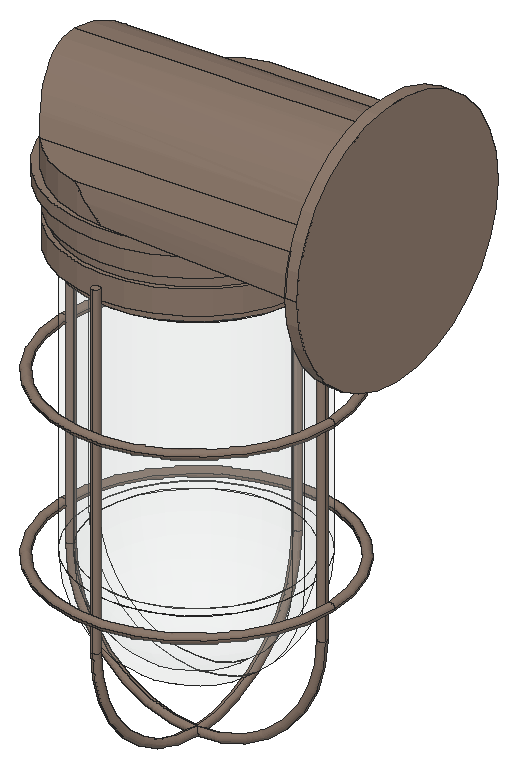
Revit family "VTW100GL-GUP100", category Generic Models, Revit 2014
Parameters
  GLASS = Glass
  02 = Bronze, Architectural
Reference planes (in)
  plane 1 "Center (Front/Back)": y = 0
  plane 2: z = 0
  plane 3 "Center (Left/Right)": x = 0
Forms (in)
  Extrusion 1, void
    sketch origin (-20.74409, 0, -2.80082) x (1, 0, 0) y (0, 1, 0)
      loop
        line (23.05659, 2) -> (20.90081, 2) -> (20.90081, -2) -> (23.05659, -2)
        arc (23.05659, -2) -> (21.05659, 0) -> (23.05659, 2) r 2
    from 11.811 to 13.811
  Extrusion 2, solid, material "Bronze, Architectural" <- "02"
    sketch origin (5.20216, -26.99409, -36.80082) x (0, 1, 0) y (0, 0, 1)
      loop
        circle (26.99409, 45.811) r 2
    from 0.05286 to 0.24036
  SweptBlend 3, solid, material "Bronze, Architectural" <- "02"
    path origin (-21.55157, 0, -36.80082) x (1, 0, 0) y (0, 0, 1)
      loop
        line (26.80659, 45.811) -> (21.86407, 45.811)
    profile origin (5.25502, 0, 9.01018) x (0, 0, -1) y (0, -1, 0)
      loop
        line (0, 0) -> (0, 2)
        arc (0, 2) -> (-0.31392, 1.97521) -> (-0.62005, 1.90146) r 2
        line (-0.62005, 1.90146) -> (-0.62005, 1.27646)
        arc (-0.62005, 1.27646) -> (-1.25848, 0.77504) -> (-1.5, 0) r 1.36701
        arc (-1.5, 0) -> (-1.25848, -0.77504) -> (-0.62005, -1.27646) r 1.36701
        line (-0.62005, -1.27646) -> (-0.62005, -1.90146)
        arc (-0.62005, -1.90146) -> (-0.31392, -1.97521) -> (0, -2) r 2
        line (0, -2) -> (0, 0)
    end profile origin (0.3125, 0, 9.01018) x (0, 0, -1) y (0, -1, 0)
      loop
        line (0, 0) -> (0, 2)
        arc (0, 2) -> (-0.18583, 1.99135) -> (-0.37005, 1.96547) r 2
        line (-0.37005, 1.96547) -> (-0.37005, 1.27646)
        arc (-0.37005, 1.27646) -> (-1.00848, 0.77504) -> (-1.25, 0) r 1.36701
        arc (-1.25, 0) -> (-1.00848, -0.77504) -> (-0.37005, -1.27646) r 1.36701
        line (-0.37005, -1.27646) -> (-0.37005, -1.96547)
        arc (-0.37005, -1.96547) -> (-0.18583, -1.99135) -> (0, -2) r 2
        line (0, -2) -> (0, 0)
  Revolve 4, solid, material "Glass" <- "GLASS"
    sketch origin (-17.67704, 0, -79.4278) x (1, 0, 0) y (0, 0, 1)
      loop
        line (18.47056, 87.95359) -> (18.28306, 87.95359) -> (18.28306, 87.18798) -> (18.20159, 87.1184) -> (18.20159, 82.9242)
        arc (18.20159, 82.9242) -> (18.70554, 81.70754) -> (19.9222, 81.20359) r 1.72061
        line (19.9222, 81.20359) -> (19.9222, 81.39109)
        arc (19.9222, 81.39109) -> (18.83813, 81.84012) -> (18.38909, 82.9242) r 1.53311
        line (18.38909, 82.9242) -> (18.38909, 87.03196) -> (18.47056, 87.10154) -> (18.47056, 87.95359)
      axis (19.9222, 87.95359) -> (19.9222, 81.20359)
    angle from 0 to 360
  Revolve 5, solid, material "Bronze, Architectural" <- "02"
    sketch origin (-21.00098, 0, -93.36814) x (1, 0, 0) y (0, 0, 1)
      loop
        line (22.49614, 102.37832) -> (21.18114, 102.37832) -> (21.18114, 102.19082) -> (21.31114, 102.19082) -> (21.31114, 101.81082) -> (21.43364, 101.81082) -> (21.43364, 101.12832) -> (21.56364, 101.12832) -> (21.56364, 102.24832) -> (22.49614, 102.24832) -> (22.49614, 102.37832)
      axis (23.24614, 102.37832) -> (23.24614, 101.12832)
    angle from 0 to 360
  Revolve 6, solid, material "Bronze, Architectural" <- "02"
    sketch origin (2.24516, 0, -6.83991) x (1, 0, 0) y (0, 0, 1)
      loop
        line (-1.9375, 15.12634) -> (-1.9375, 14.74634) -> (-1.875, 14.74634) -> (-1.875, 15.12634) -> (-1.9375, 15.12634)
      axis (0, 15.12634) -> (0, 14.74634)
    angle from 0 to 360
  Revolve 7, solid, material "Bronze, Architectural" <- "02"
    sketch origin (2.24516, 0, -6.83991) x (1, 0, 0) y (0, 0, 1)
      loop
        circle (-2.1325, 12.87634) r 0.065
      loop
        circle (-2.1325, 10.25134) r 0.065
      axis (0, 12.87634) -> (0, 10.25134)
    angle from 0 to 360
  Sweep 8, solid, material "Bronze, Architectural" <- "02"
    path origin (2.24516, 0, -6.83991) x (1, 0, 0) y (0, 0, 1)
      loop
        line (-2.0675, 14.93634) -> (-2.0675, 9.74884)
        arc (-2.0675, 9.74884) -> (-1.46194, 8.2869) -> (0, 7.68134) r 2.0675
        arc (0, 7.68134) -> (1.46194, 8.2869) -> (2.0675, 9.74884) r 2.0675
        line (2.0675, 9.74884) -> (2.0675, 14.93634)
    profile origin (0.17766, 0, 5.50268) x (0, -1, 0) y (1, 0, 0)
      loop
        circle (0, 0.0625) r 0.0625
  Sweep 9, solid, material "Bronze, Architectural" <- "02"
    path origin (2.24516, 0, -6.83991) x (0, -1, 0) y (0, 0, 1)
      loop
        line (-2.0675, 14.93634) -> (-2.0675, 9.74884)
        arc (-2.0675, 9.74884) -> (-1.46194, 8.2869) -> (0, 7.68134) r 2.0675
        arc (0, 7.68134) -> (1.46194, 8.2869) -> (2.0675, 9.74884) r 2.0675
        line (2.0675, 9.74884) -> (2.0675, 14.93634)
    profile origin (2.24516, 2.0675, 5.50268) x (-1, 0, 0) y (0, -1, 0)
      loop
        circle (0, 0.0625) r 0.0625
Cuts and joins
  Extrusion 1 cuts SweptBlend 3
  Extrusion 1 cuts Revolve 5
Dimensions and locks (in)
  aligned and locked: plane 2 to level
